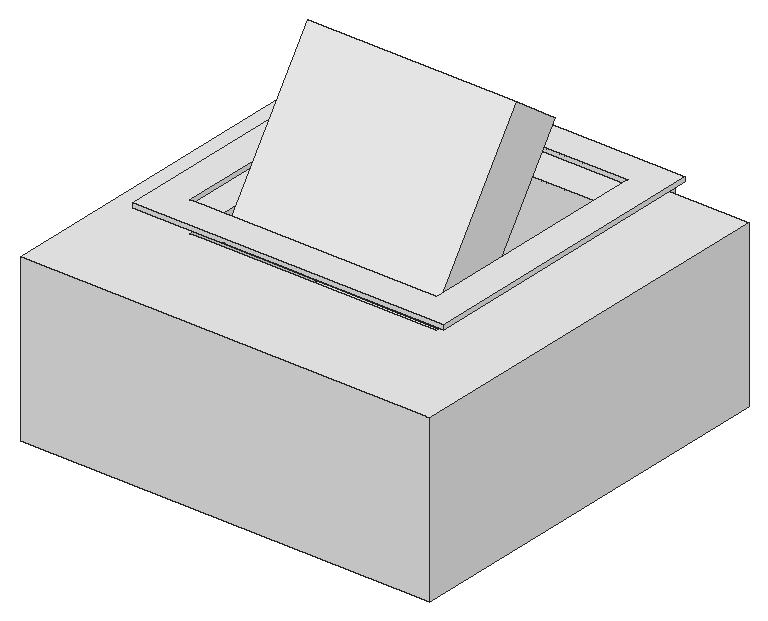
Revit family "Lighting-Recessed-Amerlux-Mini_Cavaletto", category Lighting Fixtures, host Face, Revit 2014
Parameters
  Width = 14.50"
  Wattage = 9.2903 W
  built-in parameter 1150110 = 1 (stored number, unit not read)
  Voltage = 0 V
  URL = "http://www.amerlux.com"
  Trim = 9.77088"
  built-in parameter 1114217 = 1 (stored number, unit not read)
  Tilt Angle = -90.00°
  built-in parameter 1150109 = 1 (stored number, unit not read)
  built-in parameter 1150134 = 3
  built-in parameter 1150113 = 1 (stored number, unit not read)
  Power Factor = 1
  Photometric Web File = "generic"
  Number of Poles = 1
  built-in parameter 1150142 = (empty or 0)
  Model Number = ""
  Model = "Mini Cavaletto"
  Manufacturer = "Amerlux"
  built-in parameter 1150105 = 109.82 (stored number, unit not read)
  Lumens = 1380 lm
  built-in parameter 1150115 = 1 (stored number, unit not read)
  built-in parameter 1150137 = (empty or 0)
  built-in parameter 1150139 = (empty or 0)
  Length = 17.00"
  built-in parameter 1150112 = 1 (stored number, unit not read)
  built-in parameter 1150114 = 1 (stored number, unit not read)
  Lamp = "LED"
  built-in parameter 1150132 = (empty or 0)
  built-in parameter 1150102 = (empty or 0)
  built-in parameter 1150107 = 3200 (stored number, unit not read)
  built-in parameter 1150138 = (empty or 0)
  built-in parameter 1150106 = 1.0982 (stored number, unit not read)
  Emit from Rectangle Width = 4.00"
  Emit from Rectangle Length = 5.00"
  Emit Shape Visible in Rendering = no
  built-in parameter 1150104 = 13.8 (stored number, unit not read)
  Dimming Lamp Color Temperature Shift = <None>
  Dimming = ""
  Description = "Recessed Wallwash"
  Default Elevation = 48.00"
  Color Temp = "4000k"
  Color Filter = 16777215
  built-in parameter 1114218 = 1 (stored number, unit not read)
  built-in parameter 1150133 = 10 (stored number, unit not read)
  Apparent Load = 0 VA
Reference planes (in)
  plane 1 "Center (Front/Back)": y = 0
  plane 2: z = 0
  plane 3 "Center (Left/Right)": x = 0
  plane 4: x = -8.5
  plane 5: x = 8.5
  plane 6: z = -6
  plane 7: y = 7.25
  plane 8: y = -7.25
Forms (in)
  Extrusion 1, solid, material "Housing"
    sketch origin (0, 0, 0) x (1, 0, 0) y (0, 1, 0)
      loop
        line (-6.41548, 5.25586) -> (-6.41548, -7.25) -> (6.47568, -7.25) -> (6.47568, 5.25586) -> (-6.41548, 5.25586)
    from -6 to -0.8255
  Extrusion 2, solid, material "Housing"
    sketch origin (0, 8.64198, 0.25) x (0, 1, 0) y (0, 0, 1)
      loop
        line (-1.36354, -2.06958) -> (-3.38613, -2.06958) -> (-3.38613, -4.35) -> (-1.36354, -4.35) -> (-1.36354, -2.06958)
    from -2.59996 to 2.53527
  Extrusion 3, solid, material "Housing"
    sketch origin (0, 0.46875, 0) x (0, 1, 0) y (0, 0, 1)
      loop
        line (1.14643, 2.62948) -> (-0.34497, 3.71304) -> (-3.70877, -1.09097) -> (-2.21738, -2.17453) -> (1.14643, 2.62948)
    from -3.28803 to 3.30068
  Extrusion 4, solid, material "Trim Finish"
    sketch origin (-0.155, 0.83528, 0) x (1, 0, 0) y (0, 1, 0)
      loop
        line (-4.72, 3.91472) -> (-4.72, -5.58528) -> (5.05088, -5.58528) -> (5.05088, 3.91472) -> (-4.72, 3.91472)
      loop
        line (-3.72, 2.91472) -> (-3.72, -4.58528) -> (4.05088, -4.58528) -> (4.05088, 2.91472) -> (-3.72, 2.91472)
    from 0 to 0.13439
  Extrusion 5, void
    sketch origin (0, 0, 0) x (1, 0, 0) y (0, 1, 0)
      loop
        line (-3.875, 3.75) -> (-3.875, -3.75) -> (3.89588, -3.75) -> (3.89588, 3.75) -> (-3.875, 3.75)
    from -4.31815 to 0.13439
Cuts and joins
  Extrusion 5 cuts Extrusion 4
  Extrusion 5 cuts Extrusion 1
Dimensions and locks (in)
  plane 6 to host face = 6.00"
  "Length": plane 4 to plane 5
  equal spacing: plane 7, plane 1 "Center (Front/Back)", plane 8
  equal spacing: plane 4, plane 3 "Center (Left/Right)", plane 5
  "Width": plane 7 to plane 8
  host face to plane 6 = 6.00"
  plane 7 to plane 8 = 14.50"
  "Trim": Extrusion 4 sketch curve to Extrusion 4 sketch curve
  aligned and locked: plane 2 to host face
  aligned and locked: level to host face
  aligned and locked: Extrusion 1 to plane 6
  aligned and locked: Extrusion 1 to plane 8
  aligned and locked: Extrusion 5 sketch curve to Extrusion 4  (x4)
Automatic sketch dimensions
  host sketch curve to host sketch curve = 96.00"  (x2)
  plane 4 to Extrusion 1 sketch curve = 2.08452"
  Extrusion 1 sketch curve to plane 5 = 2.02432"
  Extrusion 1 sketch curve to plane 8 = 0.00"
  Extrusion 1 sketch curve to plane 7 = 1.99414"
  plane 8 to Extrusion 2 sketch curve = 12.50586"
  Extrusion 2 sketch curve to Extrusion 2 sketch curve = 2.02258"
  plane 6 to Extrusion 2 sketch curve = 1.90"
  Extrusion 2 sketch curve to level = 1.81958"
  plane 4 to Extrusion 4 sketch curve = 3.625"
  Extrusion 4 sketch curve to Extrusion 4 sketch curve = 1.00"  (x4)
  plane 8 to Extrusion 4 sketch curve = 2.50"
  Extrusion 4 sketch curve to plane 7 = 3.50"
  Extrusion 3 sketch curve to level = 1.09097"
  plane 1 "Center (Front/Back)" to Extrusion 3 sketch curve = 3.24002"
  plane 1 "Center (Front/Back)" to Extrusion 3 sketch curve = 1.74863"
  Extrusion 3 sketch curve to plane 1 "Center (Front/Back)" = 0.12378"
  Extrusion 3 sketch curve to Extrusion 3 sketch curve = 1.4914"
  Extrusion 3 sketch curve to Extrusion 3 sketch curve = 1.08356"  (x2)
  level to Extrusion 3 sketch curve = 2.62948"
